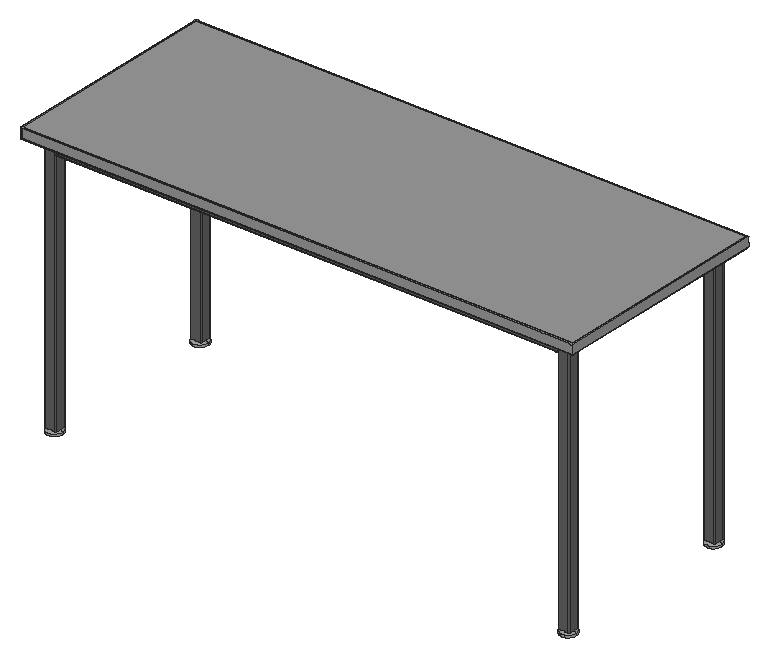
Revit family "Tutor 6024", category Generic Models, Revit 2018
Family settings
  Can host rebar = No
  Round Connector Dimension = Use Diameter
  Part Type = Normal
  Work Plane-Based = No
  Always vertical = Yes
  Cut with Voids When Loaded = No
  Shared = No
  Room Calculation Point = No
Parameters
  Surface = Tutor 6024 Surface
  Frame Finish = Tutor Frame Charcoal
  Edgeband = Tutor 6024 Edgeband
Reference planes (in)
  plane 1 "Center (Front/Back)": y = 0
  plane 2: z = 0
  plane 3 "Center (Left/Right)": x = 0
Forms (in)
  Extrusion 1, solid, material "Tutor Frame Charcoal" <- "Frame Finish"
    sketch origin (0, 0, -7) x (0, 1, 0) y (0, 0, 1)
      loop
        arc (10.4, 34.29492) -> (10.47071, 34.32421) -> (10.5, 34.39492) r 0.1
        line (10.5, 34.39492) -> (10.5, 35.44492)
        arc (10.5, 35.44492) -> (10.47071, 35.51563) -> (10.4, 35.54492) r 0.1
        line (10.4, 35.54492) -> (9.35, 35.54492)
        arc (9.35, 35.54492) -> (9.27929, 35.51563) -> (9.25, 35.44492) r 0.1
        line (9.25, 35.44492) -> (9.25, 34.39492)
        arc (9.25, 34.39492) -> (9.27929, 34.32421) -> (9.35, 34.29492) r 0.1
        line (9.35, 34.29492) -> (10.4, 34.29492)
      loop
        line (-10.4, 34.29492) -> (-9.35, 34.29492)
        arc (-9.35, 34.29492) -> (-9.27929, 34.32421) -> (-9.25, 34.39492) r 0.1
        line (-9.25, 34.39492) -> (-9.25, 35.44492)
        arc (-9.25, 35.44492) -> (-9.27929, 35.51563) -> (-9.35, 35.54492) r 0.1
        line (-9.35, 35.54492) -> (-10.4, 35.54492)
        arc (-10.4, 35.54492) -> (-10.47071, 35.51563) -> (-10.5, 35.44492) r 0.1
        line (-10.5, 35.44492) -> (-10.5, 34.39492)
        arc (-10.5, 34.39492) -> (-10.47071, 34.32421) -> (-10.4, 34.29492) r 0.1
    from -27.25 to 27.25
  Extrusion 2, solid, material "Tutor Frame Charcoal" <- "Frame Finish"
    sketch origin (0, 0, -7) x (1, 0, 0) y (0, 0, 1)
      loop
        arc (-27.35, 34.29492) -> (-27.27929, 34.32421) -> (-27.25, 34.39492) r 0.1
        line (-27.25, 34.39492) -> (-27.25, 35.44492)
        arc (-27.25, 35.44492) -> (-27.27929, 35.51563) -> (-27.35, 35.54492) r 0.1
        line (-27.35, 35.54492) -> (-28.4, 35.54492)
        arc (-28.4, 35.54492) -> (-28.47071, 35.51563) -> (-28.5, 35.44492) r 0.1
        line (-28.5, 35.44492) -> (-28.5, 34.39492)
        arc (-28.5, 34.39492) -> (-28.47071, 34.32421) -> (-28.4, 34.29492) r 0.1
        line (-28.4, 34.29492) -> (-27.35, 34.29492)
      loop
        line (27.35, 34.29492) -> (28.4, 34.29492)
        arc (28.4, 34.29492) -> (28.47071, 34.32421) -> (28.5, 34.39492) r 0.1
        line (28.5, 34.39492) -> (28.5, 35.44492)
        arc (28.5, 35.44492) -> (28.47071, 35.51563) -> (28.4, 35.54492) r 0.1
        line (28.4, 35.54492) -> (27.35, 35.54492)
        arc (27.35, 35.54492) -> (27.27929, 35.51563) -> (27.25, 35.44492) r 0.1
        line (27.25, 35.44492) -> (27.25, 34.39492)
        arc (27.25, 34.39492) -> (27.27929, 34.32421) -> (27.35, 34.29492) r 0.1
    from -9.25 to 9.25
  Extrusion 3, solid, material "Tutor 6024 Surface" <- "Surface"
    sketch origin (0, 0, -7) x (1, 0, 0) y (0, 1, 0)
      loop
        line (29.88189, 11.79339) -> (-29.88189, 11.79339) -> (-29.88189, -11.79339) -> (29.88189, -11.79339) -> (29.88189, 11.79339)
    from 35.54492 to 36.74492
  Sweep 4, solid, material "Tutor 6024 Edgeband" <- "Edgeband"
    path origin (0, 0, -7) x (1, 0, 0) y (0, 1, 0)
      loop
        line (29.88189, 11.79339) -> (-29.88189, 11.79339) -> (-29.88189, -11.79339) -> (29.88189, -11.79339) -> (29.88189, 11.79339)
    profile origin (0, 11.79339, -7) x (0, -1, 0) y (0, 0, 1)
      loop
        arc (0, 36.74492) -> (-0.08352, 36.71033) -> (-0.11811, 36.62681) r 0.11811
        line (-0.11811, 36.62681) -> (-0.11811, 35.66303)
        arc (-0.11811, 35.66303) -> (-0.08352, 35.57952) -> (0, 35.54492) r 0.11811
        line (0, 35.54492) -> (0, 36.74492)
  Extrusion 5, solid, material "Tutor Frame Charcoal" <- "Frame Finish"
    sketch origin (0, 0, -7) x (1, 0, 0) y (0, 1, 0)
      loop
        line (-27.375, 10.5) -> (-28.375, 10.5)
        arc (-28.375, 10.5) -> (-28.46339, 10.46339) -> (-28.5, 10.375) r 0.125
        line (-28.5, 10.375) -> (-28.5, 9.375)
        arc (-28.5, 9.375) -> (-28.46339, 9.28661) -> (-28.375, 9.25) r 0.125
        line (-28.375, 9.25) -> (-27.375, 9.25)
        arc (-27.375, 9.25) -> (-27.28661, 9.28661) -> (-27.25, 9.375) r 0.125
        line (-27.25, 9.375) -> (-27.25, 10.375)
        arc (-27.25, 10.375) -> (-27.28661, 10.46339) -> (-27.375, 10.5) r 0.125
      loop
        arc (27.375, 10.5) -> (27.28661, 10.46339) -> (27.25, 10.375) r 0.125
        line (27.25, 10.375) -> (27.25, 9.375)
        arc (27.25, 9.375) -> (27.28661, 9.28661) -> (27.375, 9.25) r 0.125
        line (27.375, 9.25) -> (28.375, 9.25)
        arc (28.375, 9.25) -> (28.46339, 9.28661) -> (28.5, 9.375) r 0.125
        line (28.5, 9.375) -> (28.5, 10.375)
        arc (28.5, 10.375) -> (28.46339, 10.46339) -> (28.375, 10.5) r 0.125
        line (28.375, 10.5) -> (27.375, 10.5)
      loop
        arc (-27.375, -10.5) -> (-27.28661, -10.46339) -> (-27.25, -10.375) r 0.125
        line (-27.25, -10.375) -> (-27.25, -9.375)
        arc (-27.25, -9.375) -> (-27.28661, -9.28661) -> (-27.375, -9.25) r 0.125
        line (-27.375, -9.25) -> (-28.375, -9.25)
        arc (-28.375, -9.25) -> (-28.46339, -9.28661) -> (-28.5, -9.375) r 0.125
        line (-28.5, -9.375) -> (-28.5, -10.375)
        arc (-28.5, -10.375) -> (-28.46339, -10.46339) -> (-28.375, -10.5) r 0.125
        line (-28.375, -10.5) -> (-27.375, -10.5)
      loop
        line (27.375, -10.5) -> (28.375, -10.5)
        arc (28.375, -10.5) -> (28.46339, -10.46339) -> (28.5, -10.375) r 0.125
        line (28.5, -10.375) -> (28.5, -9.375)
        arc (28.5, -9.375) -> (28.46339, -9.28661) -> (28.375, -9.25) r 0.125
        line (28.375, -9.25) -> (27.375, -9.25)
        arc (27.375, -9.25) -> (27.28661, -9.28661) -> (27.25, -9.375) r 0.125
        line (27.25, -9.375) -> (27.25, -10.375)
        arc (27.25, -10.375) -> (27.28661, -10.46339) -> (27.375, -10.5) r 0.125
    from 7.41992 to 35.54492
  Revolve 6, solid, material "Tutor Frame Platinum"
    sketch origin (0, -9.875, 0) x (1, 0, 0) y (0, 0, 1)
      loop
        line (-27.875, 0.41992) -> (-27.875, 0) -> (-27.00001, 0) -> (-27.00001, 0.16993) -> (-27.25, 0.41992) -> (-27.875, 0.41992)
      axis (-27.875, 0.41992) -> (-27.875, 0)
    angle from 0 to 360
  Revolve 7, solid, material "Tutor Frame Platinum"
    sketch origin (0, 9.875, 0) x (1, 0, 0) y (0, 0, -1)
      loop
        line (-27.875, -0.41992) -> (-27.25, -0.41992) -> (-27.00001, -0.16993) -> (-27.00001, 0) -> (-27.875, 0) -> (-27.875, -0.41992)
      axis (-27.875, -0.41992) -> (-27.875, 0)
    angle from 0 to 360
  Revolve 8, solid, material "Tutor Frame Platinum"
    sketch origin (0, 9.875, 0) x (-1, 0, 0) y (0, 0, 1)
      loop
        line (-27.875, 0.41992) -> (-27.875, 0) -> (-27.00001, 0) -> (-27.00001, 0.16993) -> (-27.25, 0.41992) -> (-27.875, 0.41992)
      axis (-27.875, 0.41992) -> (-27.875, 0)
    angle from 0 to 360
  Revolve 9, solid, material "Tutor Frame Platinum"
    sketch origin (0, -9.875, 0) x (-1, 0, 0) y (0, 0, -1)
      loop
        line (-27.875, -0.41992) -> (-27.25, -0.41992) -> (-27.00001, -0.16993) -> (-27.00001, 0) -> (-27.875, 0) -> (-27.875, -0.41992)
      axis (-27.875, -0.41992) -> (-27.875, 0)
    angle from 0 to 360
Dimensions and locks (in)
  aligned and locked: plane 2 to level
